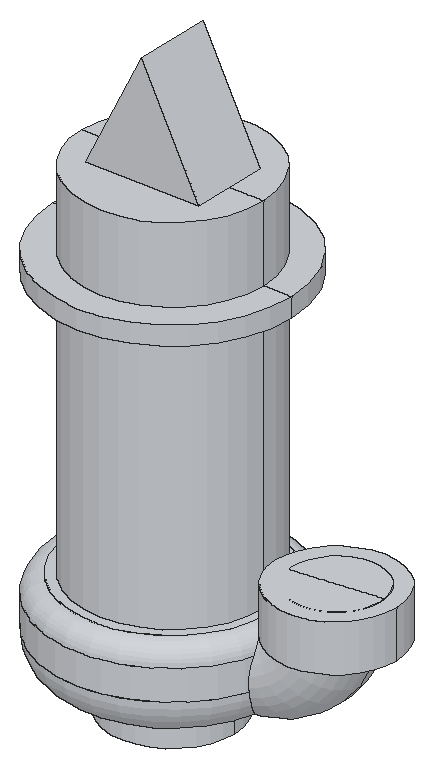
Revit family "e6d1a5638dd849a4b5f01126db36db1e", category Mechanical Equipment, Revit 2021
Family settings
  Round Connector Dimension = Use Radius
  Classification = Pump
  Part Type = Normal
  OmniClass Number = 23.60.30.21
  OmniClass Title = Pumps
  Work Plane-Based = No
  Always vertical = Yes
  Cut with Voids When Loaded = No
  Shared = No
  Room Calculation Point = No
Parameters (values of type "0.4 kW - 2" Discharge")
  Voltage [instance] = 230 V
  Symbol Radius = Cover Diameter / 2  # 3 5/32"
  Pump Material = none
  Number of Poles [instance] = 2
  Load Classification = Appliance - Dwelling Unit
  Length 2 = Discharge Nominal Diameter  # 2"
  Length 1 = Cover Diameter / 2 - 1 1/2"  # 1 21/32"
  Height = 15 7/8"
  Flow [instance] = 105 GPM
  Flange Thickness = 191/256"
  Flange Thickness Label = if(Discharge Nominal Diameter < 2 1/2", Discharge Nominal Diameter * 0.625, Flange Thickness)  # 1 1/4"
  Flange Radius = Flange Diameter / 2  # 3 3/4"
  Flange Radius Label = if(Discharge Nominal Diameter < 2 1/2", Discharge Nominal Radius * 1.1 + 1/2", Flange Radius)  # 1.6"
  Flange Diameter = 7 1/2"
  Discharge Z Offset = 2 1/16"
  Discharge Nominal Radius = 1"
  Discharge Nominal Diameter = Discharge Nominal Radius * 2  # 2"
  Discharge Height Label = if(Discharge Height < Discharge Z Offset + Discharge Body Radius + Flange Thickness Label, Discharge Z Offset + Discharge Body Radius + Flange Thickness Label, Discharge Height)  # 4.4875"
  Discharge Height = 3 1/4"
  Discharge Body Radius = Discharge Nominal Radius * 1.05 + 1/8"  # 1.175"
  Default Elevation = 0"
  Center to Discharge = 4 85/256"
  Cover Diameter = 6 5/16"
  Apparent Load [instance] = 0 VA
Reference planes (in)
  plane 1 "Center (Front/Back)": y = 0
  plane 2: z = 0
  plane 3 "Center (Left/Right)": x = 0
  plane 4: z = 15.875
  plane 5: z = 2.0625
  plane 6: x = -3.15625
  plane 7: x = 3.15625
  plane 8: z = 0.8875
  plane 9: z = 10.375
  plane 10: z = 10.875
  plane 11: z = 12.875
  plane 12 "discharge cl": x = 4.33203
  plane 13: z = 4.4875
  plane 14: z = 3.2375
  plane 15: x = 2.33203
  plane 16: z = 4.0625
Forms (in)
  Revolve 1, solid, material <- "Pump Material"
    sketch origin (0, 0, 0) x (1, 0, 0) y (0, 0, 1)
      loop
        line (-2.40625, 10.375) -> (-2.40625, 3.2375) -> (-2.65625, 3.2375)
        arc (-2.65625, 3.2375) -> (-3.0098, 3.09105) -> (-3.15625, 2.7375) r 0.5
        line (-3.15625, 2.7375) -> (-3.15625, 1.9375)
        arc (-3.15625, 1.9375) -> (-2.84871, 1.19504) -> (-2.10625, 0.8875) r 1.05
        line (-2.10625, 0.8875) -> (-1.65625, 0.8875) -> (-1.65625, 0) -> (0, 0) -> (0, 12.875) -> (-2.40625, 12.875) -> (-2.40625, 10.875) -> (-3.15625, 10.875) -> (-3.15625, 10.375) -> (-2.40625, 10.375)
      axis (0, 12.875) -> (0, 0)
    angle from 0 to 360
  Extrusion 2, solid, material <- "Pump Material"
    sketch origin (0, 0, 0) x (1, 0, 0) y (0, 0, 1)
      loop
        line (1.5, 12.875) -> (0, 15.875) -> (-1.5, 12.875) -> (1.5, 12.875)
    from -1 to 1
  Extrusion 3, solid, material <- "Pump Material"
    sketch origin (0, 0, 0) x (1, 0, 0) y (0, 1, 0)
      loop
        circle (4.33203, 0) r 1.6
    from 3.2375 to 4.4875
  Sweep 4, solid, material <- "Pump Material"
    path origin (0, 0, 0) x (1, 0, 0) y (0, 0, 1)
      loop
        line (0, 2.0625) -> (2.33203, 2.0625)
        arc (2.33203, 2.0625) -> (3.74624, 2.64829) -> (4.33203, 4.0625) r 2
        line (4.33203, 4.0625) -> (4.33203, 4.4875)
    profile origin (1.16602, 0, 2.0625) x (0, 0, -1) y (0, -1, 0)
      loop
        circle (0, 0) r 1.175
Lines and regions (in)
  Masking region 1, detail levels fine
    outline origin (0, 0, 0) x (1, 0, 0) y (0, 1, 0)
      loop
        arc (2.92938, 1.175) -> (-3.15625, 0) -> (2.92938, -1.175) r 3.15625
        line (2.92938, -1.175) -> (3.24604, -1.175)
        arc (3.24604, -1.175) -> (5.93203, 0) -> (3.24604, 1.175) r 1.6
        line (3.24604, 1.175) -> (2.92938, 1.175)
  symbolic lines, detail levels fine
    curve 1: circle (0, 0, 10.875) r 3.15625 normal (0, 0, 1)
    curve 2: circle (4.33203, 0, 10.875) r 1.6 normal (0, 0, 1)
    curve 3: circle (0, 0, 10.875) r 2.40625 normal (0, 0, 1)
    curve 4: circle (4.33203, 0, 10.875) r 1 normal (0, 0, 1)
    curve 5: line (-1.5, 1, 10.875) -> (1.5, 1, 10.875)
    curve 6: line (-1.5, -1, 10.875) -> (-1.5, 1, 10.875)
    curve 7: line (1.5, -1, 10.875) -> (-1.5, -1, 10.875)
    curve 8: line (1.5, 1, 10.875) -> (1.5, -1, 10.875)
Dimensions and locks (in)
  "Height": plane 4 to level
  equal spacing: plane 7, plane 3 "Center (Left/Right)", plane 6
  "Cover Diameter": plane 7 to plane 6
  locked: plane 10 to plane 9 at 0.5
  locked: plane 4 to plane 11 at 3
  equal spacing: Revolve 1 sketch curve, plane 5, Revolve 1 sketch curve
  locked: plane 6 to Revolve 1 sketch curve at 0.75
  "Center to Discharge": plane 12 "discharge cl" to plane 3 "Center (Left/Right)"
  "Discharge Body Radius": plane 5 to plane 8
  locked: plane 11 to plane 10 at 2
  "Discharge Z Offset": plane 5 to level
  "Discharge Height Label": plane 13 to level
  "Flange Thickness Label": plane 13 to plane 14
  "Discharge Body Radius": plane 1 "Center (Front/Back)" to Masking region 1 sketch curve
  "Discharge Body Radius": Masking region 1 sketch curve to plane 1 "Center (Front/Back)"
  "Length 1": Revolve 1 sketch curve to Revolve 1 sketch curve
  "Length 2": plane 12 "discharge cl" to plane 15
  "Length 2": plane 16 to plane 5
  radius of Revolve 1 sketch curve = 1/2"
  "Flange Radius Label": radius of Extrusion 3 sketch curve
  "Discharge Nominal Radius": radius of curve 4
  radius of Revolve 1 sketch curve = 1.05"
  "Length 2": radius of Sweep 4 sketch curve
  "Discharge Body Radius": radius of Sweep 4 sketch curve
  aligned and locked: Revolve 1 sketch curve to plane 3 "Center (Left/Right)"
  aligned and locked: Revolve 1 sketch curve to plane 11
  aligned and locked: Revolve 1 sketch curve to Revolve 1 sketch curve  (x2)
  aligned and locked: nested 1 to plane 1 "Center (Front/Back)"
  aligned and locked: plane 3 "Center (Left/Right)" to nested 1
  aligned and locked: plane 12 "discharge cl" to Extrusion 3 sketch curve
  aligned and locked: plane 1 "Center (Front/Back)" to Extrusion 3 sketch curve
  aligned and locked: plane 13 to Extrusion 3
  aligned and locked: Extrusion 3 to plane 14
  aligned and locked: Masking region 1 sketch curve to Extrusion 3
  aligned and locked: curve 1 to Masking region 1
  aligned and locked: curve 2 to Masking region 1
  aligned and locked: curve 7 to Extrusion 2
  aligned and locked: curve 5 to Extrusion 2
  aligned and locked: plane 12 "discharge cl" to curve 4
  aligned and locked: plane 1 "Center (Front/Back)" to curve 4
  aligned and locked: Revolve 1 sketch curve to level
  aligned and locked: plane 16 to Sweep 4 sketch curve
  aligned and locked: plane 15 to Sweep 4 sketch curve
  aligned and locked: plane 3 "Center (Left/Right)" to Sweep 4 sketch curve
  aligned and locked: profile plane to Sweep 4 sketch curve  (x2)
  aligned and locked: plane 13 to Sweep 4 sketch curve
Automatic sketch dimensions
  Revolve 1 sketch curve to plane 6 = 0"  (x2)
  Revolve 1 sketch curve to plane 9 = 0"
  Revolve 1 sketch curve to plane 10 = 0"
  Revolve 1 sketch curve to plane 8 = 0"
  Revolve 1 sketch curve to level = 3.86576"
  plane 4 to Revolve 1 sketch curve = 6.50924"
  Extrusion 2 sketch curve to plane 11 = 0"
  Extrusion 2 sketch curve to plane 3 "Center (Left/Right)" = 0"
  Extrusion 2 sketch curve to plane 4 = 0"
  plane 3 "Center (Left/Right)" to Extrusion 2 sketch curve = 1 1/2"
  Extrusion 2 sketch curve to plane 3 "Center (Left/Right)" = 1 1/2"
  curve 1 to curve 3 = 0"  (x2)
  plane 3 "Center (Left/Right)" to curve 7 = 1 1/2"
  curve 7 to plane 3 "Center (Left/Right)" = 1 1/2"
  radius of curve 3 = 2 13/32"
Nested families (in)
  nested 1: "Pump Symbol" at (0, 0, 0) x (0, 1, 0) z (0, 0, 1), Symbol Radius <- "Symbol Radius", type "Pump Symbol", detail levels coarse+medium
    with Symbol Radius 3 5/32", Symbol Length 2 2.73339", Symbol Length 1 1 37/64"
Connectors (in)
  electrical at (0, -1, 13.875), driven by "Number of Poles", driven by "Load Classification", driven by "Voltage", driven by "Apparent Load"
    settings: on Extrusion 2, index 2, voltage 230 V, apparent load 0 VA, apparent load phase1 0 VA, apparent load phase2 0 VA, apparent load phase3 0 VA, power factor 0.8, load classification "Appliance - Dwelling Unit", number of poles 2, system type 30, power factor state 1, is connector primary yes, connector utility no, sub classification motor no, connector description "Power"
  piping at (4.33203, 0, 4.4875), diameter 2, driven by "Flow", driven by "Discharge Nominal Radius"
    settings: on Extrusion 3, index 3, connector inside diameter 24", connector length 0", flow factor 0, pipe flow 105 GPM, pressure drop 0.00 psi, fitting loss kfactor 0, connector angle 0.00°, fixture units 0, engagement length 0", angle of deflection 0.00°, flow configuration 1, flow direction 2, fitting loss method 0, system type 16, joint type 0, gender type 0, connector reference index -1, connector utility 0, adjustable connector no, is connector primary yes, connector description "Out"
Definition of nested family "Pump Symbol"
  Parameters (values of type "Pump Symbol")
    Symbol Radius [instance] = 24"
    Symbol Length 2 [instance] = cos(30.00°) * Symbol Radius  # 20.78461"
    Symbol Length 1 [instance] = sin(30.00°) * Symbol Radius  # 12"
  Reference planes (in)
    plane 1 "Center (Front/Back)": y = 0
    plane 2: z = 0
    plane 3 "Center (Left/Right)": x = 0
    plane 4: y = 12
    plane 5: y = -24
    plane 6: x = -20.78461
    plane 7: x = 20.78461
  Lines and regions (in)
    Filled region 1, type "Concrete Block", in view "Ref. Level"
      outline origin (0, 0, 0) x (1, 0, 0) y (0, 1, 0)
        loop
          line (-20.78461, 12) -> (0, -24) -> (20.78461, 12) -> (-20.78461, 12)
    detail lines, in view "Ref. Level"
      curve 1: circle (0, 0, 0) r 24 normal (0, 0, 1)
  Dimensions and locks (in)
    "Symbol Radius": plane 1 "Center (Front/Back)" to plane 5
    "Symbol Length 1": plane 4 to plane 1 "Center (Front/Back)"
    "Symbol Length 2": plane 6 to plane 3 "Center (Left/Right)"
    "Symbol Length 2": plane 3 "Center (Left/Right)" to plane 7
    "Symbol Radius": radius of curve 1
    aligned and locked: plane 3 "Center (Left/Right)" to curve 1
    aligned and locked: plane 1 "Center (Front/Back)" to curve 1
  Automatic sketch dimensions
    Filled region 1 sketch curve to plane 4 = 0"
    Filled region 1 sketch curve to plane 6 = 0"
    Filled region 1 sketch curve to plane 3 "Center (Left/Right)" = 0"
    Filled region 1 sketch curve to plane 7 = 0"
    Filled region 1 sketch curve to plane 5 = 0"
